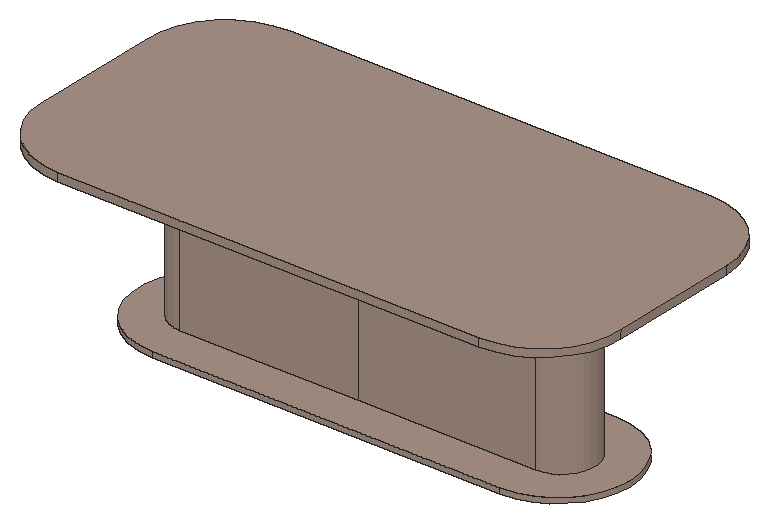
Revit family
Parameters (values of type "2200 x 1100 mm")
  Width = 1100 mm
  Table Material = Wood
  Length = 2200 mm
  Height = 700 mm
Reference planes
  plane 1 "Center (Front/Back)": y = 0
  plane 2: z = 0
  plane 3 "Center (Left/Right)": x = 0
  plane 4: z = 700
  plane 5: x = -1100
  plane 6: x = 1100
  plane 7: y = 550
  plane 8: y = -550
Forms (mm)
  Extrusion 1, solid, material "Wood" <- "Table Material"
    sketch origin (0, 0, 700) x (-1, 0, 0) y (0, -1, 0)
      loop
        line (-800, -550) -> (800, -550)
        arc (800, -550) -> (1012.132, -462.132) -> (1100, -250) r 300
        line (1100, -250) -> (1100, 250)
        arc (1100, 250) -> (1012.132, 462.132) -> (800, 550) r 300
        line (800, 550) -> (-800, 550)
        arc (-800, 550) -> (-1012.132, 462.132) -> (-1100, 250) r 300
        line (-1100, 250) -> (-1100, -250)
        arc (-1100, -250) -> (-1012.132, -462.132) -> (-800, -550) r 300
    from 0 to -30
  Extrusion 2, solid, material "Wood" <- "Table Material"
    sketch origin (0, 0, 0) x (1, 0, 0) y (0, 1, 0)
      loop
        line (0, 125) -> (-675, 125)
        arc (-675, 125) -> (-800, 0) -> (-675, -125) r 125
        line (-675, -125) -> (0, -125) -> (675, -125)
        arc (675, -125) -> (800, 0) -> (675, 125) r 125
        line (675, 125) -> (0, 125)
    from 20 to 670
  Extrusion 3, solid, material "Wood" <- "Table Material"
    sketch origin (0, 0, 0) x (1, 0, 0) y (0, 1, 0)
      loop
        arc (-660, 275) -> (-935, 0) -> (-660, -275) r 275
        line (-660, -275) -> (660, -275)
        arc (660, -275) -> (935, 0) -> (660, 275) r 275
        line (660, 275) -> (-660, 275)
    from 0 to 20
Lines and regions (mm)
  Masking region 1
    outline origin (0, 0, 0) x (1, 0, 0) y (0, 1, 0)
      loop
        line (800, 550) -> (-800, 550)
        arc (-800, 550) -> (-1012.132, 462.132) -> (-1100, 250) r 300
        line (-1100, 250) -> (-1100, -250)
        arc (-1100, -250) -> (-1012.132, -462.132) -> (-800, -550) r 300
        line (-800, -550) -> (800, -550)
        arc (800, -550) -> (1012.132, -462.132) -> (1100, -250) r 300
        line (1100, -250) -> (1100, 250)
        arc (1100, 250) -> (1012.132, 462.132) -> (800, 550) r 300
  symbolic lines
    curve 1: arc (-800, 550, 0) -> (-1012.132, 462.132, 0) -> (-1100, 250, 0) r 300
    curve 2: line (800, 550, 0) -> (-800, 550, 0)
    curve 3: arc (-1100, -250, 0) -> (-1012.132, -462.132, 0) -> (-800, -550, 0) r 300
    curve 4: line (-1100, -250, 0) -> (-1100, 250, 0)
    curve 5: line (-800, -550, 0) -> (800, -550, 0)
    curve 6: arc (800, -550, 0) -> (1012.132, -462.132, 0) -> (1100, -250, 0) r 300
    curve 7: line (1100, -250, 0) -> (1100, 250, 0)
    curve 8: arc (1100, 250, 0) -> (1012.132, 462.132, 0) -> (800, 550, 0) r 300
Dimensions and locks
  "Height": plane 4 to level
  equal spacing: plane 5, plane 3 "Center (Left/Right)", plane 6
  "Length": plane 5 to plane 6
  equal spacing: plane 8, plane 1 "Center (Front/Back)", plane 7
  "Width": plane 8 to plane 7
  aligned and locked: Extrusion 1 to plane 4
  aligned and locked: Extrusion 3 to Extrusion 2
  aligned and locked: Extrusion 2 to Extrusion 1
  aligned and locked: curve 1 to Extrusion 1
  aligned and locked: curve 3 to Extrusion 1
  aligned and locked: Masking region 1 sketch curve to curve 1
  aligned and locked: Masking region 1 sketch curve to curve 3
  aligned and locked: Masking region 1 sketch curve to curve 6
  aligned and locked: Masking region 1 sketch curve to curve 8
Automatic sketch dimensions
  Extrusion 1 sketch curve to plane 6 = 300 mm  (x2)
  Extrusion 1 sketch curve to plane 6 = 0 mm
  Extrusion 1 sketch curve to plane 8 = 0 mm
  plane 5 to Extrusion 1 sketch curve = 300 mm  (x2)
  Extrusion 1 sketch curve to plane 7 = 0 mm
  Extrusion 1 sketch curve to plane 5 = 0 mm
  Extrusion 2 sketch curve to plane 1 "Center (Front/Back)" = 0 mm
  Extrusion 2 sketch curve to plane 3 "Center (Left/Right)" = 0 mm  (x2)
  plane 5 to Extrusion 2 sketch curve = 425 mm
  Extrusion 2 sketch curve to plane 6 = 425 mm
  Extrusion 3 sketch curve to plane 1 "Center (Front/Back)" = 0 mm
  plane 5 to Extrusion 3 sketch curve = 440 mm
  Extrusion 3 sketch curve to plane 6 = 440 mm
  Extrusion 3 sketch curve to Extrusion 3 sketch curve = 275 mm
  plane 1 "Center (Front/Back)" to Extrusion 2 sketch curve = 125 mm
  curve 6 to plane 6 = 0 mm
  curve 8 to plane 6 = 300 mm
  curve 5 to plane 6 = 300 mm
